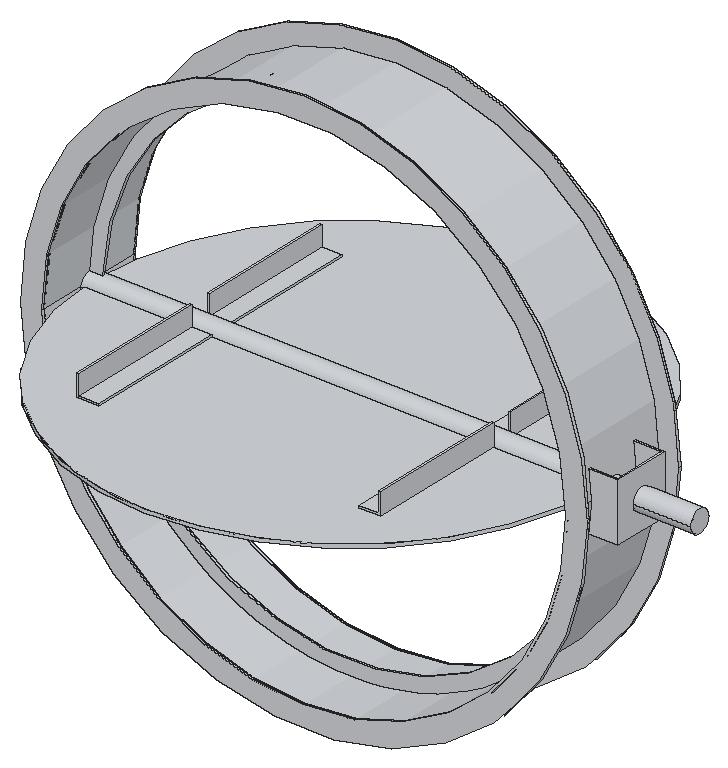
Revit family "HD-492-ISO", category Mechanical Equipment, Revit 2015
Parameters
  URL = "http://unitedenertech.com/catalog/pdf/D_15,%2016,%2017,%2018%20HD-492-ISO.pdf"
  Type Comments = "Max. Size is (60\" Diameter)"
  Retainer Ring Radius [instance] = I Radius - 0' 1"  # 1' - 5"
  Reinforcement Width [instance] = Blade Radius / 0.85  # 1' - 8.88235"
  O Radius [instance] = I Radius + Frame Thickness  # 1' - 6 17/128"
  Model = "HD-492-ISO"
  Manufacturer = "United Enertech Corporation"
  I Radius [instance] = Exact Diameter / 2  # 1' - 6"
  Frame Thickness [instance] = if(Exact Diameter < 3' 4 1/8", 0' 0 17/128", if(Exact Diameter < 5' 0 1/8", 0' 0 3/16", 0' 0 3/16"))  # 0' - 0 17/128"
  Flange [instance] = if(Exact Diameter < 1' 8 1/8", 0' 1 1/4", if(Exact Diameter < 3' 4 1/8", 0' 1 1/2", if(Exact Diameter < 5' 0 1/8", 0' 2", 0' 2")))  # 0' - 1 1/2"
  F Radius [instance] = I Radius + Flange  # 1' - 7 1/2"
  Exact Diameter = 3' - 0"
  Description = "Industrial Isolation Damper"
  Depth = if(Exact Diameter > 1' 8 1/8", 0' 8", 0' 6")  # 0' - 8"
  Blade Thickness [instance] = if(Exact Diameter < 2' 4 1/8", 0' 0 3/16", if(Exact Diameter < 5' 0 1/8", 0' 0 1/4", 0' 0 1/4"))  # 0' - 0 1/4"
  Blade Radius [instance] = I Radius - 0' 0 1/4"  # 1' - 5 3/4"
  Axle Diameter [instance] = if(Exact Diameter < 1' 8 1/8", 0' 0 3/4", if(Exact Diameter < 2' 4 1/8", 0' 1", if(Exact Diameter < 4' 0 1/8", 0' 1 1/2", if(Exact Diameter < 5' 0 1/8", 0' 1 3/4", 0' 1 3/4"))))  # 0' - 1 1/2"
  A Radius [instance] = Axle Diameter / 2  # 0' - 0 3/4"
Reference planes (in)
  plane 1 "Center (Front/Back)": y = 0
  plane 2: z = 0
  plane 3 "Center (Left/Right)": x = 0
  plane 4: x = -18
  plane 5: x = 18
  plane 6: y = 8
  plane 7: x = -19.5
  plane 8: x = 19.5
  plane 9: y = 0.13281
  plane 10: y = 7.86719
  plane 11: x = -18.75
  plane 12: x = 24
  plane 13: z = 0.75
  plane 14: z = -0.75
  plane 15: y = 4
  plane 16: z = 0.125
  plane 17: z = -0.125
  plane 18: y = 4.06641
  plane 19: y = 3.93359
  plane 20: x = -10.44118
  plane 21: x = 10.44118
  plane 22: y = 14.44118
  plane 23: y = -6.44118
  plane 24: y = 3.25
  plane 25: y = 4.75
  plane 26: x = 20
  plane 27: y = 2
  plane 28: y = 6
  plane 29: z = 2
  plane 30: z = -2
Forms (in)
  Extrusion 1, solid
    sketch origin (0, 0, 0) x (1, 0, 0) y (0, 0, 1)
      loop
        circle (0, 0) r 18
      loop
        circle (0, 0) r 18.13281
    from -7.86719 to -0.13281
  Extrusion 2, solid
    sketch origin (0, 0, 0) x (1, 0, 0) y (0, 0, 1)
      loop
        circle (0, 0) r 19.5
      loop
        circle (0, 0) r 18
    from -0.13281 to 0
  Extrusion 3, solid
    sketch origin (0, 0, 0) x (1, 0, 0) y (0, 0, 1)
      loop
        circle (0, 0) r 19.5
      loop
        circle (0, 0) r 18
    from -8 to -7.86719
  Extrusion 4, solid
    sketch origin (0, 0, 0) x (0, 1, 0) y (0, 0, 1)
      loop
        circle (4, 0) r 0.75
    from -18.75 to 24
  Extrusion 5, solid
    sketch origin (0, 0, 0) x (1, 0, 0) y (0, 1, 0)
      loop
        circle (0, 4) r 17.75
    from -0.125 to 0.125
  Extrusion 6, solid
    sketch origin (0, 0, 0) x (1, 0, 0) y (0, 0, 1)
      loop
        arc (-17.98437, -0.75) -> (0, -18) -> (17.98437, -0.75) r 18
        line (17.98437, -0.75) -> (16.98345, -0.75)
        arc (16.98345, -0.75) -> (0, -17) -> (-16.98345, -0.75) r 17
        line (-16.98345, -0.75) -> (-17.98437, -0.75)
    from -4.06641 to -3.93359
  Extrusion 7, solid
    sketch origin (0, 0, 0) x (1, 0, 0) y (0, 0, 1)
      loop
        line (-17.98437, 0.75) -> (-16.98345, 0.75)
        arc (-16.98345, 0.75) -> (0, 17) -> (16.98345, 0.75) r 17
        line (16.98345, 0.75) -> (17.98437, 0.75)
        arc (17.98437, 0.75) -> (0, 18) -> (-17.98437, 0.75) r 18
    from -4.06641 to -3.93359
  Extrusion 8, solid
    sketch origin (38.22858, 0, -12.94236) x (1, 0, 0) y (0, 0, 1)
      loop
        line (-48.66975, 13.06736) -> (-47.16975, 13.06736) -> (-47.16975, 13.20186) -> (-48.53525, 13.20186) -> (-48.53525, 14.56736) -> (-48.66975, 14.56736) -> (-48.66975, 13.06736)
    from -3.25 to 6.44118
  Extrusion 9, solid
    sketch origin (-38.22858, 0, -12.94236) x (-1, 0, 0) y (0, 0, -1)
      loop
        line (-48.66975, -13.06736) -> (-48.66975, -14.56736) -> (-48.53525, -14.56736) -> (-48.53525, -13.20186) -> (-47.16975, -13.20186) -> (-47.16975, -13.06736) -> (-48.66975, -13.06736)
    from -3.25 to 6.44118
  Extrusion 10, solid
    sketch origin (38.22858, 6, -12.94236) x (1, 0, 0) y (0, 0, -1)
      loop
        line (-48.66975, -13.06736) -> (-48.66975, -14.56736) -> (-48.53525, -14.56736) -> (-48.53525, -13.20186) -> (-47.16975, -13.20186) -> (-47.16975, -13.06736) -> (-48.66975, -13.06736)
    from -1.25 to 8.44118
  Extrusion 11, solid
    sketch origin (-38.22858, 6, -12.94236) x (-1, 0, 0) y (0, 0, 1)
      loop
        line (-48.66975, 13.06736) -> (-47.16975, 13.06736) -> (-47.16975, 13.20186) -> (-48.53525, 13.20186) -> (-48.53525, 14.56736) -> (-48.66975, 14.56736) -> (-48.66975, 13.06736)
    from -1.25 to 8.44118
  Extrusion 12, solid
    sketch origin (0, 0, 0) x (1, 0, 0) y (0, 1, 0)
      loop
        line (18, 2) -> (20, 2) -> (20, 6) -> (18, 6) -> (18, 5.8655) -> (19.8655, 5.8655) -> (19.8655, 2.1345) -> (18, 2.1345) -> (18, 2)
    from -2 to 2
Dimensions and locks (in)
  equal spacing: plane 4, plane 3 "Center (Left/Right)", plane 5
  "Exact Diameter": plane 4 to plane 5
  "Depth": plane 1 "Center (Front/Back)" to plane 6
  "Flange": plane 5 to plane 8
  "Flange": plane 7 to plane 4
  "Frame Thickness": plane 1 "Center (Front/Back)" to plane 9
  "Frame Thickness": plane 6 to plane 10
  locked: plane 11 to plane 4 at 0.75
  locked: plane 5 to plane 12 at 6
  equal spacing: plane 13, level, plane 14
  "Axle Diameter": plane 13 to plane 14
  equal spacing: plane 6, plane 15, plane 1 "Center (Front/Back)"
  equal spacing: plane 16, level, plane 17
  "Blade Thickness": plane 16 to plane 17
  equal spacing: plane 19, plane 15, plane 18
  "Frame Thickness": plane 19 to plane 18
  equal spacing: plane 20, plane 3 "Center (Left/Right)", plane 21
  "Reinforcement Width": plane 20 to plane 21
  equal spacing: plane 22, plane 15, plane 23
  "Reinforcement Width": plane 23 to plane 22
  equal spacing: plane 25, plane 15, plane 24
  "Axle Diameter": plane 25 to plane 24
  locked: plane 5 to plane 26 at 2
  equal spacing: plane 28, plane 15, plane 27
  locked: plane 28 to plane 27 at 4
  equal spacing: plane 29, level, plane 30
  locked: plane 29 to plane 30 at 4
  "I Radius": radius of Extrusion 1 sketch curve
  "O Radius": radius of Extrusion 1 sketch curve
  "I Radius": radius of Extrusion 2 sketch curve
  "F Radius": radius of Extrusion 2 sketch curve
  "I Radius": radius of Extrusion 3 sketch curve
  "F Radius": radius of Extrusion 3 sketch curve
  "A Radius": radius of Extrusion 4 sketch curve
  "Blade Radius": radius of Extrusion 5 sketch curve
  "I Radius": radius of Extrusion 6 sketch curve
  "Retainer Ring Radius": radius of Extrusion 6 sketch curve
  "I Radius": radius of Extrusion 7 sketch curve
  "Retainer Ring Radius": radius of Extrusion 7 sketch curve
  aligned and locked: level to plane 2
  aligned and locked: Extrusion 1 to plane 9
  aligned and locked: plane 10 to Extrusion 1
  aligned and locked: plane 9 to Extrusion 2
  aligned and locked: plane 1 "Center (Front/Back)" to Extrusion 2
  aligned and locked: plane 6 to Extrusion 3
  aligned and locked: Extrusion 3 to plane 10
  aligned and locked: Extrusion 4 to plane 11
  aligned and locked: plane 12 to Extrusion 4
  aligned and locked: plane 16 to Extrusion 5
  aligned and locked: Extrusion 5 to plane 17
  aligned and locked: Extrusion 6 sketch curve to plane 14  (x2)
  aligned and locked: Extrusion 7 sketch curve to plane 13  (x2)
  aligned and locked: plane 18 to Extrusion 6
  aligned and locked: plane 18 to Extrusion 7
  aligned and locked: plane 19 to Extrusion 7
  aligned and locked: plane 19 to Extrusion 6
  aligned and locked: plane 24 to Extrusion 8
  aligned and locked: plane 23 to Extrusion 8
  aligned and locked: Extrusion 8 to plane 16
  aligned and locked: plane 20 to Extrusion 8
  aligned and locked: plane 21 to Extrusion 9
  aligned and locked: Extrusion 9 to plane 16
  aligned and locked: plane 24 to Extrusion 9
  aligned and locked: plane 23 to Extrusion 9
  aligned and locked: plane 22 to Extrusion 11
  aligned and locked: plane 22 to Extrusion 10
  aligned and locked: Extrusion 11 to plane 25
  aligned and locked: Extrusion 10 to plane 25
  aligned and locked: Extrusion 12 sketch curve to plane 28
  aligned and locked: Extrusion 12 sketch curve to plane 5
  aligned and locked: plane 5 to Extrusion 12 sketch curve
  aligned and locked: Extrusion 12 sketch curve to plane 27
  aligned and locked: plane 26 to Extrusion 12 sketch curve
  aligned and locked: Extrusion 12 to plane 30
  aligned and locked: Extrusion 12 to plane 29
Automatic sketch dimensions
  Extrusion 1 sketch curve to Extrusion 1 sketch curve = 0' - 0"  (x2)
  Extrusion 1 sketch curve to level = 0' - 0"
  Extrusion 1 sketch curve to plane 3 "Center (Left/Right)" = 0' - 0"
  Extrusion 2 sketch curve to Extrusion 2 sketch curve = 0' - 0"  (x2)
  Extrusion 2 sketch curve to level = 0' - 0"
  Extrusion 2 sketch curve to plane 3 "Center (Left/Right)" = 0' - 0"
  Extrusion 3 sketch curve to Extrusion 3 sketch curve = 0' - 0"  (x2)
  Extrusion 3 sketch curve to level = 0' - 0"
  Extrusion 3 sketch curve to plane 3 "Center (Left/Right)" = 0' - 0"
  Extrusion 4 sketch curve to level = 0' - 0"
  Extrusion 4 sketch curve to plane 15 = 0' - 0"
  Extrusion 5 sketch curve to plane 3 "Center (Left/Right)" = 0' - 0"
  Extrusion 5 sketch curve to plane 15 = 0' - 0"
  Extrusion 6 sketch curve to Extrusion 6 sketch curve = 0' - 0"  (x2)
  Extrusion 6 sketch curve to level = 0' - 0"
  Extrusion 6 sketch curve to plane 3 "Center (Left/Right)" = 0' - 0"
  Extrusion 7 sketch curve to Extrusion 7 sketch curve = 0' - 0"  (x2)
  Extrusion 7 sketch curve to level = 0' - 0"
  Extrusion 7 sketch curve to plane 3 "Center (Left/Right)" = 0' - 0"
  plane 20 to Extrusion 8 sketch curve = 0' - 0"
  Extrusion 8 sketch curve to plane 16 = 0' - 0"
  Extrusion 8 sketch curve to plane 20 = 0' - 0.1345"
  plane 16 to Extrusion 8 sketch curve = 0' - 0.1345"
  Extrusion 8 sketch curve to Extrusion 8 sketch curve = 0' - 1.3655"
  plane 13 to Extrusion 8 sketch curve = 0' - 0 7/8"
  Extrusion 9 sketch curve to plane 21 = 0' - 0"
  Extrusion 9 sketch curve to plane 16 = 0' - 0"
  plane 21 to Extrusion 9 sketch curve = 0' - 0.1345"
  Extrusion 9 sketch curve to plane 16 = 0' - 0.1345"
  Extrusion 9 sketch curve to Extrusion 9 sketch curve = 0' - 1.3655"
  Extrusion 9 sketch curve to plane 13 = 0' - 0 7/8"
  plane 20 to Extrusion 10 sketch curve = 0' - 0"
  Extrusion 10 sketch curve to plane 16 = 0' - 0"
  Extrusion 10 sketch curve to plane 20 = 0' - 0.1345"
  plane 16 to Extrusion 10 sketch curve = 0' - 0.1345"
  Extrusion 10 sketch curve to Extrusion 10 sketch curve = 0' - 1.3655"
  plane 13 to Extrusion 10 sketch curve = 0' - 0 7/8"
  Extrusion 11 sketch curve to plane 21 = 0' - 0"
  Extrusion 11 sketch curve to plane 16 = 0' - 0"
  Extrusion 11 sketch curve to plane 21 = 0' - 0.1345"
  plane 16 to Extrusion 11 sketch curve = 0' - 0.1345"
  Extrusion 11 sketch curve to Extrusion 11 sketch curve = 0' - 1.3655"
  plane 13 to Extrusion 11 sketch curve = 0' - 0 7/8"
  plane 27 to Extrusion 12 sketch curve = 0' - 0.1345"
  plane 28 to Extrusion 12 sketch curve = 0' - 0.1345"
  Extrusion 12 sketch curve to plane 26 = 0' - 0.1345"
